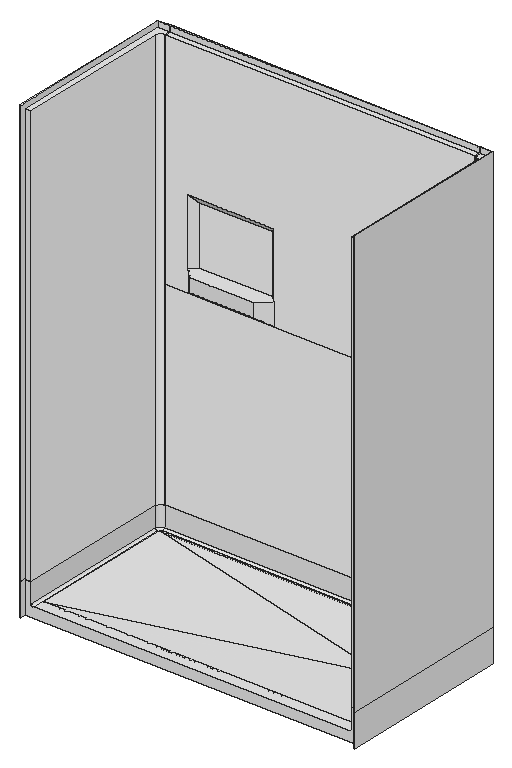
Revit family "5LBS6030B17T,B2T,B17B,B2B", category Plumbing Fixtures, Revit 2014
Parameters (values of type "5LBS6030B17T")
  Unit Width = 60"
  Unit Height = 82 1/4"
  URL = "http://www.best-bath.com/"
  Type Comments = "Barrier Free"
  Threshold Height = 1 3/4"
  Model = "5LBS6030B17T"
  Material [instance] = Best Bath Gelcoat Fiberglass - Smooth
  Manufacturer = "Best Bath Systems, Inc."
  Keynote = "22 40 00.B3"
  Description = "4 x 8 SubwayTile, Traditionals Bull Nose Threshold"
  Assembly Code = "D2010710"
Types (5): name | Unit Height | Threshold Height | Model | Material | Description
  (no name) | 82 1/4" | 1 3/4" | "5LBS6030B17T" | Best Bath Gelcoat Fiberglass - Smooth | "4 x 8 SubwayTile, Traditionals Bull Nose Threshold"
  5LBS6030B17B | 82 1/4" | 1 3/4" | "5LBS6030B17B" | Best Bath Gelcoat Fiberglass - RealTile | "4 x8 Subway Tile, Beveled Threshold"
  5LBS6030B17T | 82 1/4" | 1 3/4" | "5LBS6030B17T" | Best Bath Gelcoat Fiberglass - Smooth | "4 x 8 SubwayTile, Traditionals Bull Nose Threshold"
  5LBS6030B2T | 82 1/2" | 2" | "5LBS6030B2T" | Best Bath Gelcoat Fiberglass - RealTile | "4 x 8 Subway Tile, Traditionals Bull Nose Threshold"
  5LBS6030B2B | 82 1/2" | 2" | "5LBS6030B2B" | Best Bath Gelcoat Fiberglass - RealTile | "4 x 8 Subway Tile, Beveled Threshold"
Reference planes (in)
  plane 1: z = 0
  plane 2 "Left": x = 0
  plane 3: z = 81.25
  plane 4: z = 82.25
  plane 5: y = 6.36165
  plane 6: y = 36.36165
  plane 7: x = 60
  plane 8: y = 35.11165
  plane 9: y = 22.36165
  plane 10: z = 1.375
  plane 11: z = 1.75
  plane 12: z = 41.25
  plane 13: z = 5.75
  plane 14: y = 5.36165
  plane 15: z = 45.25
  plane 16: x = 30
Forms (in)
  Extrusion 1, solid, material "Best Bath Gelcoat Fiberglass - Smooth"
    sketch origin (0, 0, 0) x (1, 0, 0) y (0, 1, 0)
      loop
        line (0, 6.36165) -> (60, 6.36165) -> (60, 36.36165) -> (0, 36.36165) -> (0, 6.36165)
      loop
        circle (51.5, 22.36165) r 2.125
    from 0 to 1.75
  Extrusion 2, solid, material "Best Bath Gelcoat Fiberglass - Smooth" <- "Material"
    sketch origin (0, 0, 0) x (1, 0, 0) y (0, 1, 0)
      loop
        line (2.25, 36.36165) -> (2.25, 35.11165) -> (57.75, 35.11165) -> (57.75, 36.36165) -> (2.25, 36.36165)
    from 5.75 to 41.25
  Blend 3, void
    base sketch origin (0, 0, 0) x (1, 0, 0) y (0, 1, 0)
      loop
        line (1.875, 8.36165) -> (58.125, 8.36165) -> (58.125, 34.48665) -> (1.875, 34.48665) -> (1.875, 8.36165)
    top sketch origin (0, 0, 0) x (1, 0, 0) y (0, 1, 0)
      loop
        circle (51.5, 22.36165) r 0.07952
    from 1.75 to 1.375
  Extrusion 4, solid, material "Best Bath Gelcoat Fiberglass - Smooth" <- "Material"
    sketch origin (0, 0, 0) x (1, 0, 0) y (0, 1, 0)
      loop
        line (2.25, 36.36165) -> (2.25, 35.11165) -> (57.75, 35.11165) -> (57.75, 36.36165) -> (2.25, 36.36165)
    from 41.25 to 81.25
  Extrusion 5, solid, material "Best Bath Gelcoat Fiberglass - Smooth"
    sketch origin (0.25, 0, 0) x (1, 0, 0) y (0, 1, 0)
      loop
        line (-0.25, 6.36165) -> (1, 6.36165) -> (1, 34.11165)
        arc (1, 34.11165) -> (1.29289, 34.81875) -> (2, 35.11165) r 1
        line (2, 35.11165) -> (2, 36.36165) -> (-0.25, 36.36165) -> (-0.25, 6.36165)
      loop
        line (59.75, 6.36165) -> (59.75, 36.36165) -> (57.5, 36.36165) -> (57.5, 35.11165)
        arc (57.5, 35.11165) -> (58.20711, 34.81875) -> (58.5, 34.11165) r 1
        line (58.5, 34.11165) -> (58.5, 6.36165) -> (59.75, 6.36165)
    from 5.75 to 81.25
  Extrusion 6, solid, material "Best Bath Gelcoat Fiberglass - Smooth"
    sketch origin (0, 0, 0) x (1, 0, 0) y (0, 1, 0)
      loop
        line (0, 36.36165) -> (0, 6.36165) -> (1.25, 6.36165) -> (1.25, 34.11165)
        arc (1.25, 34.11165) -> (1.54289, 34.81875) -> (2.25, 35.11165) r 1
        line (2.25, 35.11165) -> (57.75, 35.11165)
        arc (57.75, 35.11165) -> (58.45711, 34.81875) -> (58.75, 34.11165) r 1
        line (58.75, 34.11165) -> (58.75, 6.36165) -> (60, 6.36165) -> (60, 35.11165) -> (60, 36.36165) -> (0, 36.36165)
    from 0 to 5.75
  Sweep 7, solid, material "Best Bath Gelcoat Fiberglass - Smooth"
    path origin (0, 0, 0) x (1, 0, 0) y (0, 1, 0)
      loop
        line (1.25, 6.36165) -> (1.25, 34.11165)
        arc (1.25, 34.11165) -> (1.54289, 34.81875) -> (2.25, 35.11165) r 1
        line (2.25, 35.11165) -> (57.75, 35.11165)
        arc (57.75, 35.11165) -> (58.45711, 34.81875) -> (58.75, 34.11165) r 1
        line (58.75, 34.11165) -> (58.75, 6.36165)
    profile origin (1.25, 20.23665, 0) x (-1, 0, 0) y (0, 0, 1)
      loop
        line (0, 1.75) -> (0, 2.125)
        arc (0, 2.125) -> (-0.10983, 1.85983) -> (-0.375, 1.75) r 0.375
        line (-0.375, 1.75) -> (0, 1.75)
  Extrusion 8, solid, material "Best Bath Gelcoat Fiberglass - Smooth"
    sketch origin (0, 0, 0) x (1, 0, 0) y (0, 1, 0)
      loop
        line (0, 5.36165) -> (0.125, 5.36165) -> (0.125, 6.36165) -> (0, 6.36165) -> (0, 5.36165)
      loop
        line (60, 5.36165) -> (60, 6.36165) -> (59.875, 6.36165) -> (59.875, 5.36165) -> (60, 5.36165)
    from 0 to 5.75
  Extrusion 9, solid, material "Best Bath Gelcoat Fiberglass - Smooth" <- "Material"
    sketch origin (0, 0, 0) x (1, 0, 0) y (0, 1, 0)
      loop
        line (2.25, 36.36165) -> (2.25, 36.23665) -> (57.75, 36.23665) -> (57.75, 36.36165) -> (2.25, 36.36165)
    from 81.25 to 82.25
  Extrusion 10, solid, material "Best Bath Gelcoat Fiberglass - Smooth"
    sketch origin (0, 0, 0) x (1, 0, 0) y (0, 1, 0)
      loop
        line (0.125, 5.36165) -> (0.125, 36.23665) -> (2.25, 36.23665) -> (2.25, 36.36165) -> (0, 36.36165) -> (0, 5.36165) -> (0.125, 5.36165)
      loop
        line (59.875, 5.36165) -> (60, 5.36165) -> (60, 36.36165) -> (57.75, 36.36165) -> (57.75, 36.23665) -> (59.875, 36.23665) -> (59.875, 5.36165)
    from 5.75 to 82.25
  Blend 11, solid, material "Best Bath Gelcoat Fiberglass - Smooth" <- "Material"
    base sketch origin (1.5, -39, 0) x (1, 0, 0) y (0, 0, 1)
      loop
        line (52.25, 45.25) -> (36.75, 45.25) -> (36.75, 41.25) -> (52.25, 41.25) -> (52.25, 45.25)
    top sketch origin (1.5, -39, 0) x (1, 0, 0) y (0, 0, 1)
      loop
        line (38.75, 45.25) -> (38.75, 42.875) -> (50.25, 42.875) -> (50.25, 45.25) -> (38.75, 45.25)
    from -74.11165 to -72.11165
  Blend 12, void
    base sketch origin (1.5, -38.5, 0) x (1, 0, 0) y (0, 0, 1)
      loop
        line (36.75, 45.25) -> (52.25, 45.25) -> (52.25, 57) -> (36.75, 57) -> (36.75, 45.25)
    top sketch origin (1.5, -38.5, 0) x (1, 0, 0) y (0, 0, 1)
      loop
        line (38, 45.25) -> (51, 45.25) -> (51, 55.75) -> (38, 55.75) -> (38, 45.25)
    from -73.61165 to -74.61165
  Blend 13, solid, material "Best Bath Gelcoat Fiberglass - Smooth" <- "Material"
    base sketch origin (58.5, -39, 0) x (-1, 0, 0) y (0, 0, -1)
      loop
        line (52.25, -45.25) -> (52.25, -41.25) -> (36.75, -41.25) -> (36.75, -45.25) -> (52.25, -45.25)
    top sketch origin (58.5, -39, 0) x (-1, 0, 0) y (0, 0, -1)
      loop
        line (38.75, -45.25) -> (50.25, -45.25) -> (50.25, -42.875) -> (38.75, -42.875) -> (38.75, -45.25)
    from -74.11165 to -72.11165
  Blend 14, void
    base sketch origin (58.5, -38.5, 0) x (-1, 0, 0) y (0, 0, -1)
      loop
        line (36.75, -45.25) -> (36.75, -57) -> (52.25, -57) -> (52.25, -45.25) -> (36.75, -45.25)
    top sketch origin (58.5, -38.5, 0) x (-1, 0, 0) y (0, 0, -1)
      loop
        line (38, -45.25) -> (38, -55.75) -> (51, -55.75) -> (51, -45.25) -> (38, -45.25)
    from -73.61165 to -74.61165
Cuts and joins
  Blend 3 cuts Extrusion 1
  joined: Extrusion 1, Extrusion 6, Sweep 7, Extrusion 8
  Blend 12, Blend 14 cuts Extrusion 4
  Blend 14 cuts Extrusion 9
  Blend 14 cuts Blend 11
  joined: Extrusion 4, Extrusion 9, Blend 11, Blend 13
  joined: Extrusion 5, Extrusion 10
Dimensions and locks (in)
  locked: plane 4 to plane 3 at 1
  "Unit Height": plane 4 to level
  plane 2 "Left" to plane 7 = 60"
  "Unit Width": plane 2 "Left" to plane 7
  locked: plane 6 to plane 8 at 1.25
  locked: plane 6 to plane 9 at 14
  "Threshold Height": plane 11 to level
  locked: plane 11 to plane 10 at 0.375
  locked: plane 12 to plane 13 at 35.5
  locked: plane 13 to plane 11 at 4
  locked: plane 5 to plane 14 at 1
  locked: plane 6 to plane 14 at 31
  locked: plane 15 to plane 12 at 4
  aligned and locked: level to plane 1
  aligned and locked: Extrusion 1 sketch curve to plane 5
  aligned and locked: Extrusion 1 sketch curve to plane 2 "Left"
  aligned and locked: plane 6 to Extrusion 1 sketch curve
  aligned and locked: Extrusion 1 sketch curve to plane 7
  aligned and locked: plane 9 to Extrusion 1 sketch curve
  aligned and locked: plane 11 to Extrusion 1
  aligned and locked: plane 9 to Blend 3 sketch curve
  aligned and locked: Extrusion 1 to Blend 3
  aligned and locked: Blend 3 to plane 10
  aligned and locked: plane 12 to Extrusion 2
  aligned and locked: Extrusion 4 to Extrusion 2
  aligned and locked: plane 3 to Extrusion 4
  aligned and locked: plane 3 to Extrusion 5
  aligned and locked: plane 13 to Extrusion 6
  aligned and locked: Extrusion 5 to plane 13
  aligned and locked: Extrusion 2 to plane 13
  aligned and locked: Sweep 7 sketch curve to plane 11
  aligned and locked: Extrusion 8 to Extrusion 2
  aligned and locked: Extrusion 9 to plane 3
  aligned and locked: plane 4 to Extrusion 9
  aligned and locked: Extrusion 10 to Extrusion 2
  aligned and locked: plane 4 to Extrusion 10
Automatic sketch dimensions
  plane 7 to Extrusion 1 sketch curve = 8 1/2"
  Extrusion 2 sketch curve to plane 8 = 0"
  Extrusion 2 sketch curve to plane 6 = 0"
  plane 2 "Left" to Extrusion 2 sketch curve = 2 1/4"
  plane 7 to Extrusion 2 sketch curve = 2 1/4"
  Blend 3 sketch curve to plane 8 = 5/8"
  plane 2 "Left" to Blend 3 sketch curve = 1 7/8"
  plane 7 to Blend 3 sketch curve = 1 7/8"
  plane 5 to Blend 3 sketch curve = 2"
  plane 7 to Blend 3 sketch curve = 8 1/2"
  Extrusion 4 sketch curve to plane 8 = 0"
  Extrusion 4 sketch curve to plane 6 = 0"
  plane 2 "Left" to Extrusion 4 sketch curve = 2 1/4"
  plane 7 to Extrusion 4 sketch curve = 2 1/4"
  Extrusion 5 sketch curve to plane 2 "Left" = 0"
  Extrusion 5 sketch curve to plane 5 = 0"  (x2)
  Extrusion 5 sketch curve to plane 6 = 0"  (x2)
  Extrusion 5 sketch curve to plane 8 = 0"  (x2)
  Extrusion 5 sketch curve to plane 7 = 0"
  Extrusion 5 sketch curve to Extrusion 5 sketch curve = 1 1/4"
  Extrusion 5 sketch curve to Extrusion 5 sketch curve = 1"
  plane 7 to Extrusion 5 sketch curve = 2 1/4"
  plane 7 to Extrusion 5 sketch curve = 1 1/4"
  Extrusion 6 sketch curve to plane 2 "Left" = 0"
  Extrusion 6 sketch curve to plane 5 = 0"  (x2)
  Extrusion 6 sketch curve to plane 8 = 0"  (x2)
  Extrusion 6 sketch curve to plane 7 = 0"
  Extrusion 6 sketch curve to plane 6 = 0"
  Extrusion 6 sketch curve to Extrusion 6 sketch curve = 1 1/4"
  Extrusion 6 sketch curve to Extrusion 6 sketch curve = 1"
  Extrusion 6 sketch curve to plane 8 = 1"
  plane 7 to Extrusion 6 sketch curve = 2 1/4"
  Sweep 7 sketch curve to plane 5 = 0"  (x2)
  Sweep 7 sketch curve to plane 8 = 0"
  plane 2 "Left" to Sweep 7 sketch curve = 1 1/4"
  Sweep 7 sketch curve to Sweep 7 sketch curve = 1"
  Sweep 7 sketch curve to plane 8 = 1"
  plane 7 to Sweep 7 sketch curve = 2 1/4"
  Sweep 7 sketch curve to profile plane = 0"
  profile plane to Sweep 7 sketch curve = 3/8"
  Extrusion 8 sketch curve to plane 2 "Left" = 0"
  Extrusion 8 sketch curve to plane 5 = 0"  (x2)
  Extrusion 8 sketch curve to plane 14 = 0"  (x2)
  Extrusion 8 sketch curve to plane 7 = 0"
  plane 2 "Left" to Extrusion 8 sketch curve = 1/8"
  plane 7 to Extrusion 8 sketch curve = 1/8"
  Extrusion 9 sketch curve to plane 6 = 0"
  Extrusion 9 sketch curve to plane 6 = 1/8"
  plane 2 "Left" to Extrusion 9 sketch curve = 2 1/4"
  plane 7 to Extrusion 9 sketch curve = 2 1/4"
  Extrusion 10 sketch curve to plane 2 "Left" = 0"
  Extrusion 10 sketch curve to plane 14 = 0"  (x2)
  Extrusion 10 sketch curve to plane 6 = 0"  (x2)
  Extrusion 10 sketch curve to plane 7 = 0"
  plane 2 "Left" to Extrusion 10 sketch curve = 1/8"
  Extrusion 10 sketch curve to plane 6 = 1/8"  (x2)
  Extrusion 10 sketch curve to Extrusion 10 sketch curve = 2 1/8"
  plane 7 to Extrusion 10 sketch curve = 2 1/4"
  plane 7 to Extrusion 10 sketch curve = 1/8"
  Blend 11 sketch curve to plane 15 = 0"  (x2)
  Blend 11 sketch curve to plane 12 = 0"
  plane 16 to Blend 11 sketch curve = 8 1/4"
  plane 7 to Blend 11 sketch curve = 6 1/4"
  plane 12 to Blend 11 sketch curve = 1 5/8"
  plane 16 to Blend 11 sketch curve = 10 1/4"
  plane 7 to Blend 11 sketch curve = 8 1/4"
  Blend 12 sketch curve to plane 15 = 0"  (x2)
  plane 16 to Blend 12 sketch curve = 8 1/4"
  plane 7 to Blend 12 sketch curve = 6 1/4"
  plane 15 to Blend 12 sketch curve = 11 3/4"
  plane 16 to Blend 12 sketch curve = 9 1/2"
  plane 7 to Blend 12 sketch curve = 7 1/2"
  plane 15 to Blend 12 sketch curve = 10 1/2"
  Blend 13 sketch curve to plane 15 = 0"  (x2)
  Blend 13 sketch curve to plane 12 = 0"
  Blend 13 sketch curve to plane 16 = 8 1/4"
  plane 2 "Left" to Blend 13 sketch curve = 6 1/4"
  plane 12 to Blend 13 sketch curve = 1 5/8"
  Blend 13 sketch curve to plane 16 = 10 1/4"
  plane 2 "Left" to Blend 13 sketch curve = 8 1/4"
  Blend 14 sketch curve to plane 15 = 0"  (x2)
  Blend 14 sketch curve to plane 16 = 8 1/4"
  plane 2 "Left" to Blend 14 sketch curve = 6 1/4"
  plane 15 to Blend 14 sketch curve = 11 3/4"
  Blend 14 sketch curve to plane 16 = 9 1/2"
  plane 2 "Left" to Blend 14 sketch curve = 7 1/2"
  plane 15 to Blend 14 sketch curve = 10 1/2"
  radius of Extrusion 1 sketch curve = 2 1/8"
  radius of Blend 3 sketch curve = 0.07952"
